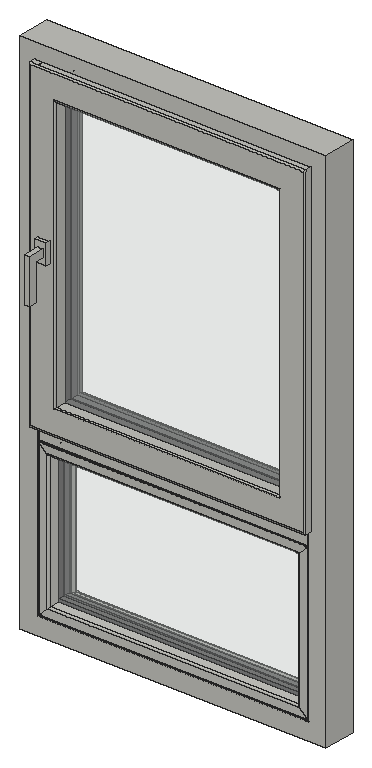
Revit family "2021_ES_Ventana_Replus_RE80-PVC-i30_11100_1H-1FI", category Ventanas, Revit 2021
Family settings
  Anfitrión = Muro
  Número OmniClass = 23.30.20.00
  Título OmniClass = Windows
  Siempre vertical = Sí
  Corte con vacíos al cargar = No
  Compartido = No
  Punto de cálculo de habitación = No
Parameters (values of type "11100")
  Ι_Wll Thcknss [instance] = 200.000 mm
  Ι_Wdth Cntrl = if(Anchura < 429.000 mm, 429.000 mm, if(Anchura > 1514.000 mm, 1514.000 mm, Anchura))  # 750.000 mm
  Ι_Ssh Wdth = Ι_Wdth Cntrl - 2 * 36.800 mm  # 676.400 mm
  Ι_Ssh Hght = if(Altura de hoja < 165.000 mm, 165.000 mm, if(Altura de hoja > Ι_Hght Cntrl - 2.000 mm * 36.8 - Ι_Fxd Hght - 17.700 mm + 40.000 mm, Ι_Hght Cntrl - 2.000 mm * 36.8 - Ι_Fxd Hght - 17.700 mm + 40.000 mm, Ι_Hght Cntrl - 2.000 mm * 36.8 - Ι_Fxd Hght - 17.700 mm + 40.000 mm))  # 799.700 mm
  Ι_Nst Cntrl [instance] = if(Retranqueo > Ι_Wll Thcknss - 80.000 mm, Ι_Wll Thcknss - 80.000 mm, if(Retranqueo = Ι_Wll Thcknss - 80.000 mm, Ι_Wll Thcknss - 80.000 mm, Retranqueo))  # 0.000 mm
  Ι_Hndl Hght Cntrl = if(Altura de Manilla < 120.000 mm, 120.000 mm, if(Altura de Manilla > Ι_Ssh Hght - 50.000 mm, Ι_Ssh Hght - 50.000 mm, Altura de Manilla))  # 400.000 mm
  Ι_Hght Cntrl = if(Altura < 429.000 mm, 429.000 mm, if(Altura > 2658.000 mm, 2658.000 mm, Altura))  # 1300.000 mm
  Ι_Fxd Hght Cntrl = Ι_Hght Cntrl - Ι_Ssh Hght - 51.000 mm  # 449.300 mm
  Ι_Fxd Hght = if((Ι_Hght Cntrl - Altura de hoja - 51.000 mm) < 173.000 mm, 173.000 mm, Ι_Hght Cntrl - Altura de hoja - 51.000 mm)  # 449.000 mm
  Ι_Frm Wdth Cntrl = Ι_Wdth Cntrl  # 750.000 mm
  Ι_Frm Hght Cntrl = Ι_Hght Cntrl  # 1300.000 mm
  Zona = ""
  Visibilidad Líneas Apertura - Planta = yes
  Visibilidad Líneas Apertura - Alzado = yes
  Vida Util Esperada = ""
  Version Estandar GDO-BIM = "GDO-BIM V02"  # constant formula
  Version = "RVT2021"  # constant formula
  Verano de transmitancia termica = 0
  Unidad Medicion = ""
  Unidad = ""
  Uniclass2015 Titulo = ""
  Uniclass2015 Codigo = ""
  URL de Declaracion de Prestaciones = ""
  URL Producto = "https://replus.es/bim/"
  URL Perfil BIM = "https://bimetica.com/es/objeto-bim-replus-ventana-re80-pvc-i30-1-hoja-oscilobatiente-fijo-inferior-11101.html"
  URL = "https://replus.es/"
  UNSPSC Titulo = "Windows"  # constant formula
  UNSPSC Codigo = "30171600"  # constant formula
  Transmitancia termica invierno = 0
  Transmitancia solar = 0
  Transmitancia de ganancia de calor solar = 0
  Transmision de luz visible = 0
  Titular = "Regicarp, S.L."  # constant formula
  Tipo Embalaje Proteccion = ""
  Tiene antepecho interno = no
  Tiene antepecho externo = no
  Tiempo Util De Vida = ""
  Tiempo Medio Entre Fallos = ""
  Telefono Contacto = "+34 966544310"  # constant formula
  Soporte tecnico BIM = "https://bimsupport.info/es/fabricantes/regicarp-replus-bim/"
  Sistema = ""
  Serie = ""
  Responsable Seguridad = ""
  Responsable Prescripcion = ""
  Responsable Compra = ""
  Residuos Peligrosos por Unidad = 0
  Residuos No Peligrosos por Unidad = 0
  Residuo Radioactivo por Unidad = 0
  Residuo Inerte por Unidad = 0
  Reflectancia solar = 0
  Reflectancia de luz visible = 0
  Referencia Unidad Funcional = ""
  Referencia Lote = ""
  Referencia Contacto Soporte Tecnico = ""
  Referencia Contacto Comercial Venta = ""
  Referencia = "RE 80/PVC/i30"
  Punto de Contacto = ""
  Proteccion con Malla = no
  Plataforma descaga contenido BIM = "www.bimetica.com"
  Periodo Garantia = ""
  Partida URL = ""
  Pais de Venta = ""
  Omniclass Titulo = "Plastic Windows"  # constant formula
  Omniclass Codigo = "23-17 13 17"  # constant formula
  Numero de Licencia = "XXXXXXXX8182 / No-aportada por bimboject AB (anterior)"  # constant formula
  Numero de Declaracion de Prestaciones = ""
  Numero Serie = ""
  Numero Articulo Global Comercial = ""
  Numero Articulo = ""
  Nivel de Riesgo = ""
  Material Envoltura = ""
  Material Contenedor = ""
  Material = PVC - Replus - 9152 - White
  Masterformat Titulo = "Plastic Windows"  # constant formula
  Masterformat Codigo = "08 53 00"  # constant formula
  Marcado CE = no
  Mantenimiento = ""
  Lugar Ensamblaje = ""
  Instrucciones Especiales = ""
  Informacion Tecnica = ""
  IfcExportType = "Oscilobatiente"
  IfcExportAs = "IfcWindow"  # constant formula
  Identificador Garantia = ""
  Historial = "(RVT2021) Actualización GDO-BIM (RVT2015) Creacion de Elemento"  # constant formula
  Gubimclass Titulo = "Ventanas de fachadas"  # constant formula
  Gubimclass Codigo = "30.10.20.10"  # constant formula
  Gas de Relleno = ""
  Garantia Extendida = no
  Fuente Datos LCA = ""
  Formacion Fotoquimica Ozono por Unidad = 0
  Fecha Vencimiento Elemento BIM = ""
  Fecha Suministro = ""
  Fecha Inicio Garantia = ""
  Fecha Fin Garantia = ""
  Fecha Evaluacion = ""
  Fecha Emision Elemento BIM = ""
  Fecha Compra = ""
  Fecha Colocacion = ""
  Fase Ciclo Vida = ""
  Falta de Recursos por Unidad = 0
  Exclusiones = ""
  Eutrofizacion por Unidad = 0
  Etiqueta Modelo = ""
  Estandar seguridad = ""
  Espesor de vidrio 3 = 0.000 mm
  Espesor de vidrio 2 = 0.000 mm
  Espesor de vidrio 1 = 0.000 mm
  Espacio libre acceso = 0.000 mm
  Espacio = ""
  Es templado = no
  Es recubierto = no
  Es laminado = no
  Es Exterior = yes
  Es Accesible = no
  Energia consumida = 0
  Energia Renovable Consumida por Unidad = 0
  Energia Primaria Total Consumida por Unidad = 0
  Energia No Renovable Consumida por Unidad = 0
  Email Contacto = "info@replus.es"  # constant formula
  Destruccion Capa Ozono Estratosferica por Unidad = 0
  Descripcion Evaluacion = ""
  Dependiente De = ""
  Declaracion Ambiental de Producto URL = ""
  Creditos LEED = ""
  Creditos BREEAM = ""
  Coste Mantenimiento = 0
  Contenido Garantia = ""
  Contacto = ""
  Condiciones de Venta = ""
  Condiciones Evaluacion = ""
  Color de vidrio = ""
  Coeficiente de sombreado = 0
  Codigo Barras = ""
  Codigo = ""
  Clasificacion de carga de viento = ""
  Capas de vidrio = 0
  Cambio Climatico por Unidad = 0
  COBie Categoria = "IfcWindow"
  Base Precio Producto 03 = ""
  Base Precio Producto 02 = ""
  Base Precio Producto 01 = ""
  Autor = "Bimetica Parametric Design Services S.L. (actual) / bimobject AB (anterior)"  # constant formula
  Ano Produccion = ""
  Anchura aproximada = Ι_Wdth Cntrl + 2 * Hueco  # 770.000 mm
  Altura minima requerida = 0.000 mm
  Altura aproximada = Ι_Hght Cntrl + 2 * Hueco  # 1320.000 mm
  Retranqueo [instance] = 0.000 mm
  Product Material = PVC - Replus - 9152 - White
  Modelo = "11100_FI"
  Material secondary = "Glass"
  Material main = "PVC"
  Fabricante = "Replus"
  Nota clave = "08500"
  Hueco = 10.000 mm
  Altura = 1300.000 mm
  Exceso Dimensiones = or(and(Altura < 429.000 mm, Advertencia Dimensión), and(Anchura < 429.000 mm, Advertencia Dimensión), and(Anchura > 1514.000 mm, Advertencia Dimensión), and(Altura > 2658.000 mm, Advertencia Dimensión))  # no
  Edition number = 1
  Descripción = "Perfiles de hoja oculta en PVC, mejorando sustancialmente el campo visual, con triple junta (mediante junta rigida en el marco) protegiendo de esta manera todos los puntos de cierre, aumentando la seguridad y proporcionando una junta perimetral completa, con perfilería de clasificación máxima S-II-A"
  Default Sill Height = 800.000 mm
  Cierre de muro = Por anfitrión
  Anchura = 750.000 mm
  Código de montaje = "B2020100"
  Construcción analítica = "<None>"
  Altura de hoja = 800.000 mm
  Altura de Manilla = 400.000 mm
  Agua Consumida por Unidad = 0
  Advertencia Dimensión = yes
  Acidificacion Atmosferica por Unidad = 0
  Acabado = ""
  Absorcion solar = 0
Reference planes
  plane 1 "Center (Front/Back)": y = 0
  plane 2 "Center (Left/Right)": x = 0
  plane 3 "Left": x = -385
  plane 4 "Right": x = 385
  plane 5 "Sill": z = 800
  plane 6 "Head": z = 2120
  plane 7 "Exterior": y = 100
  plane 8 "Interior": y = -100
  plane 9: x = -375
  plane 10: x = 375
  plane 11 "Inset": y = -20
  plane 12: z = 2110
  plane 13: z = 810
  plane 14 "Central Profile": x = 0
  plane 15: z = 1259
  plane 16: z = 2058.811
  plane 17: z = 861.189
  plane 18: y = -38.5
  plane 19: x = -338.2
  plane 20: x = 338.2
  plane 21: z = 2073.2
  plane 22: z = 1377.736
  plane 23: z = 1374.811
  plane 24: z = 882.435
  plane 25: z = 2573.491
  plane 26: z = 2565.491
  plane 27: z = 1015.491
  plane 28: z = 1673.5
  plane 29: x = 53
  plane 30: x = -53
  plane 31: x = 303.2
  plane 32: x = -303.2
  plane 33: y = 500
  plane 34: y = -100
  plane 35: z = 1273.5
  plane 36: z = 1337.5
  plane 37: z = 2009.2
  plane 38: x = -274.2
  plane 39: x = 274.2
  plane 40 "glass": y = -57
  plane 41: y = 10
Lines and regions (mm)
  Opening 1
    outline origin (3500, -100, 0) x (1, 0, 0) y (0, 0, 1)
      loop
        line (-3115, 800) -> (-3115, 2120) -> (-3885, 2120) -> (-3885, 800) -> (-3115, 800)
  symbolic lines, style "Hidden Lines Black", visible <- "Visibilidad Líneas Apertura - Alzado"
    curve 1: line (-274.2, -20, 1673.5) -> (274.2, -20, 2009.2)
    curve 2: line (-274.2, -20, 1673.5) -> (274.2, -20, 1337.5)
    curve 3: line (0, -20, 2009.2) -> (-274.2, -20, 1337.5)
    curve 4: line (274.2, -20, 1337.5) -> (0, -20, 2009.2)
  symbolic lines, visible <- "Visibilidad Líneas Apertura - Planta"
    curve 5: line (-338.2, -100, 0) -> (-338.2, -776.548, 0)
    curve 6: arc (-338.2, -776.548, 0) -> (140.791, -578.74, 0) -> (339.208, -100, 0) r 676.4
  model lines, style "Hidden Lines Black", visible <- "Visibilidad Líneas Apertura - Alzado"
    curve 7: line (0, -57, 2009.2) -> (-274.2, -57, 1337.5)
    curve 8: line (274.2, -57, 1337.5) -> (0, -57, 2009.2)
    curve 9: line (274.2, -57, 2009.2) -> (-274.2, -57, 1673.5)
    curve 10: line (-274.2, -57, 1673.5) -> (274.2, -57, 1337.5)
Text (mm)
  text "EXTERIOR" at (-1963.203, 1332.353, 0), in view "Ref. Level"
  text "INTERIOR" at (-1981.466, -818.386, 0), in view "Ref. Level"
  text "Exterior" at (0, 923.751, 2943.296), in view "Right"
  text "Exterior" at (0, 1040.484, 2685.409), in view "Left"
Dimensions and locks
  equal spacing: plane 3 "Left", plane 2 "Center (Left/Right)", plane 4 "Right"
  "Ι_Wdth Cntrl": plane 9 to plane 10
  "Ι_Hght Cntrl": plane 13 to plane 12
  "Default Sill Height": plane 5 "Sill" to level
  locked: plane 7 "Exterior" to host wall
  locked: plane 8 "Interior" to host wall
  "Hueco": plane 3 "Left" to plane 9
  "Hueco": plane 10 to plane 4 "Right"
  "Hueco": plane 13 to plane 5 "Sill"
  equal spacing: plane 9, plane 14 "Central Profile", plane 10
  "Ι_Fxd Hght": plane 15 to plane 13
  locked: plane 12 to plane 16 at 51.189
  locked: plane 17 to plane 13 at 51.189
  locked: plane 11 "Inset" to plane 18 at 18.5
  locked: plane 9 to plane 19 at 36.8
  locked: plane 20 to plane 10 at 36.8
  locked: plane 12 to plane 21 at 36.8
  plane 12 to plane 21 = 36.800 mm
  "Ι_Wll Thcknss": host wall to host wall
  locked: plane 2 "Center (Left/Right)" to plane 29 at 53
  locked: plane 30 to plane 2 "Center (Left/Right)" at 53
  locked: plane 31 to plane 20 at 35
  locked: plane 19 to plane 32 at 35
  plane 20 to plane 10 = 36.800 mm
  locked: plane 33 to plane 7 "Exterior" at 400
  locked: plane 18 to plane 34 at 61.5
  "Ι_Nst Cntrl": plane 8 "Interior" to plane 34
  "Ι_Ssh Hght": plane 21 to plane 35
  "Ι_Hndl Hght Cntrl": plane 28 to plane 35
  locked: plane 16 to plane 37 at 49.611
  locked: plane 38 to plane 32 at 29
  locked: plane 39 to plane 31 at 29
  locked: plane 18 to plane 40 "glass" at 18.5
  locked: plane 36 to plane 35 at 64
  locked: plane 41 to plane 11 "Inset" at 30
  "Hueco": plane 6 "Head" to plane 12
  "Ι_Ssh Wdth": radius of curve 6
  aligned and locked: nested 2 to plane 11 "Inset"
  aligned and locked: nested 2 to plane 2 "Center (Left/Right)"
  aligned and locked: plane 19 to nested 1
  aligned and locked: nested 1 to plane 18
  aligned and locked: plane 21 to nested 1
  aligned and locked: plane 12 to nested 2
  aligned and locked: plane 14 "Central Profile" to curve 4
  aligned and locked: nested 4 to plane 33
  aligned and locked: nested 4 to plane 2 "Center (Left/Right)"
  aligned and locked: plane 37 to curve 3
  aligned and locked: plane 37 to curve 1
  aligned and locked: plane 39 to curve 1
  aligned and locked: plane 36 to curve 4
  aligned and locked: plane 39 to curve 4
  aligned and locked: plane 38 to curve 3
  aligned and locked: plane 36 to curve 3
  aligned and locked: curve 5 to plane 19
  aligned and locked: plane 34 to curve 5
  aligned and locked: plane 19 to curve 6
  aligned and locked: plane 34 to curve 6
  aligned and locked: plane 28 to curve 10
  aligned and locked: plane 38 to curve 9
  aligned and locked: plane 32 to nested 3
  aligned and locked: plane 28 to nested 3
Automatic sketch dimensions
  Opening 1 sketch curve to plane 3 "Left" = 0.000 mm
  Opening 1 sketch curve to plane 4 "Right" = 0.000 mm
  Opening 1 sketch curve to plane 5 "Sill" = 0.000 mm
  Opening 1 sketch curve to plane 6 "Head" = 0.000 mm
  curve 2 to plane 28 = 0.000 mm
  curve 2 to plane 38 = 0.000 mm
  plane 39 to curve 10 = 0.000 mm
  curve 8 to plane 36 = 0.000 mm
  curve 9 to plane 37 = 0.000 mm
  plane 39 to curve 9 = 0.000 mm
  plane 2 "Center (Left/Right)" to curve 8 = 0.000 mm
  curve 7 to plane 36 = 0.000 mm
  curve 8 to plane 37 = 0.000 mm
  curve 7 to plane 38 = 0.000 mm
  host wall to curve 6 = 0.149 mm
  plane 19 to curve 6 = 1.008 mm
Nested families
  nested 1: "Leaf" at (0, -38.5, 1273.5), type "Leaf"
  nested 2: "Frame" at (0, -20, 810), type "Frame"
  nested 3: "Handle" at (-303.2, -118.5, 1673.5) x (-1, 0, 0) z (0, -1, 0), type "Handle", detail levels medium+fine
  nested 4: "Dimensions Overconstraint Warning" at (0, 500, 0), visible <- "Exceso Dimensiones", type "Dimensions Overconstraint Warning"
Definition of nested family "Leaf"
  Parameters (values of type "Leaf")
    Width = 676.400 mm
    Product Material = none
    Height = 799.700 mm
    Analytic Construction = "<None>"
  Reference planes
    plane 1 "Center (Front/Back)": y = 0
    plane 2: z = 0
    plane 3 "Center (Left/Right)": x = 0
    plane 4: x = -338.2
    plane 5: x = 338.2
    plane 6: z = 799.7
    plane 7: x = -278.2
    plane 8: x = 278.2
    plane 9: z = 751.7
    plane 10: z = 48
    plane 11: y = -65.804
    plane 12: x = 290.2
    plane 13: x = -274.2
    plane 14: x = 274.2
    plane 15: z = 748.705
    plane 16: z = 50.995
    plane 17: z = 64
    plane 18: z = 735.7
    plane 19: y = -40
    plane 20: y = -4
    plane 21: y = -8
    plane 22: y = -26
    plane 23: y = -30
    plane 24: y = -48
    plane 25: y = -52
    plane 26: x = -290.2
    plane 27: x = -284.2
    plane 28: x = 284.2
    plane 29: z = 745.7
    plane 30: z = 54
    plane 31: x = -295.2
    plane 32: x = 295.2
    plane 33: z = 756.7
    plane 34: z = 43
  Forms (mm)
    Sweep 1, solid, material <- "Product Material", detail levels coarse
      path origin (0, 0, 0) x (1, 0, 0) y (0, 0, 1)
        loop
          line (-338.2, 799.7) -> (-338.2, 0) -> (338.2, 0) -> (338.2, 799.7) -> (-338.2, 799.7)
      profile origin (-338.2, 0, 399.85) x (-1, 0, 0) y (0, -1, 0)
        loop
          line (-20, 56.6) -> (-20, 61.5) -> (-7.5, 61.5) -> (0, 61.5) -> (0, 80) -> (-64, 80) -> (-64, 0) -> (-43, 0) -> (-40.495, 0) -> (-20, 0) -> (-20, 56.6)
    Sweep 2, solid, material <- "Product Material", detail levels fine
      path origin (0, 0, 0) x (1, 0, 0) y (0, 0, 1)
        loop
          line (-338.2, 799.7) -> (-338.2, 0) -> (338.2, 0) -> (338.2, 799.7) -> (-338.2, 799.7)
      profile origin (-338.2, 0, 399.85) x (-1, 0, 0) y (0, -1, 0)
        loop
          line (-33, 14) -> (-33, 23.5) -> (-27.5, 23.5) -> (-20, 23.5) -> (-20, 61.5) -> (-7.5, 61.5) -> (0, 61.5) -> (0, 77)
          arc (0, 77) -> (-0.879, 79.121) -> (-3, 80) r 3
          line (-3, 80) -> (-61, 80)
          arc (-61, 80) -> (-63.121, 79.121) -> (-64, 77) r 3
          line (-64, 77) -> (-64, 52) -> (-43, 52) -> (-43, 4) -> (-40.495, 4) -> (-33, 4) -> (-33, 14)
    Sweep 3, solid, material <- "Product Material", detail levels medium
      path origin (0, 0, 0) x (1, 0, 0) y (0, 0, 1)
        loop
          line (-338.2, 799.7) -> (-338.2, 0) -> (338.2, 0) -> (338.2, 799.7) -> (-338.2, 799.7)
      profile origin (-338.2, 0, 399.85) x (-1, 0, 0) y (0, -1, 0)
        loop
          line (-20, 23.5) -> (-20, 61.5) -> (0, 61.5) -> (0, 80) -> (-64, 80) -> (-64, 52) -> (-43, 52) -> (-43, 4) -> (-33, 4) -> (-33, 23.5) -> (-20, 23.5)
    Extrusion 4, solid, detail levels fine
      sketch origin (0, 0, 0) x (1, 0, 0) y (0, 1, 0)
        loop
          line (-290.2, -4) -> (-290.2, -8) -> (290.2, -8) -> (290.2, -4) -> (-290.2, -4)
        loop
          line (-290.2, -26) -> (-290.2, -30) -> (290.2, -30) -> (290.2, -26) -> (-290.2, -26)
        loop
          line (-290.2, -48) -> (-290.2, -52) -> (290.2, -52) -> (290.2, -48) -> (-290.2, -48)
      from 48 to 751.7
    Extrusion 5, solid, detail levels medium
      sketch origin (0, 0, 0) x (1, 0, 0) y (0, 1, 0)
        loop
          line (-295.2, -4) -> (-295.2, -52) -> (295.2, -52) -> (295.2, -4) -> (-295.2, -4)
      from 43 to 756.7
    Sweep 6, solid, detail levels fine
      path origin (0, 0, 0) x (1, 0, 0) y (0, 0, 1)
        loop
          line (-284.2, 745.7) -> (-284.2, 54) -> (284.2, 54) -> (284.2, 745.7) -> (-284.2, 745.7)
      profile origin (-284.2, 0, 399.85) x (-1, 0, 0) y (0, -1, 0)
        loop
          line (0, 8) -> (0, 26) -> (-6, 26) -> (-6, 8) -> (0, 8)
        loop
          line (0, 30) -> (0, 48) -> (-6, 48) -> (-6, 30) -> (0, 30)
    Extrusion 7, solid, detail levels coarse
      sketch origin (0, 0, 0) x (1, 0, 0) y (0, 1, 0)
        loop
          line (-274.2, 0) -> (-274.2, -80) -> (274.2, -80) -> (274.2, 0) -> (-274.2, 0)
      from 64 to 735.7
    Sweep 8, solid, detail levels medium+fine
      path origin (0, 0, 0) x (1, 0, 0) y (0, 0, 1)
        loop
          line (-338.2, 799.7) -> (-338.2, 0) -> (338.2, 0) -> (338.2, 799.7) -> (-338.2, 799.7)
      profile origin (-338.2, 0, 399.85) x (-1, 0, 0) y (0, -1, 0)
        loop
          line (-33, 0) -> (-33, 4) -> (-64, 4) -> (-64, 0) -> (-33, 0)
  Lines and regions (mm)
    symbolic lines, detail levels coarse
      curve 1: line (-274.2, -40, 0) -> (274.2, -40, 0)
      curve 2: line (0, -40, 735.7) -> (0, -40, 64)
  Dimensions and locks
    equal spacing: plane 4, plane 3 "Center (Left/Right)", plane 5
    "Width": plane 4 to plane 5
    "Height": plane 6 to plane 2
    locked: plane 4 to plane 7 at 60
    locked: plane 8 to plane 5 at 60
    locked: plane 6 to plane 9 at 48
    locked: plane 10 to plane 2 at 48
    locked: plane 8 to plane 12 at 12
    locked: plane 7 to plane 13 at 4
    locked: plane 14 to plane 8 at 4
    locked: plane 6 to plane 15 at 50.995
    locked: plane 16 to plane 2 at 50.995
    locked: plane 15 to plane 18 at 13.005
    locked: plane 17 to plane 16 at 13.005
    locked: plane 19 to plane 1 "Center (Front/Back)" at 40
    plane 25 to plane 24 to plane 23 to plane 22 to plane 21 to plane 20 to plane 1 "Center (Front/Back)" = 4.000 mm locked, 18.000 mm locked, 4.000 mm locked, 18.000 mm locked, 4.000 mm locked, 4.000 mm locked
    locked: plane 26 to plane 7 at 12
    locked: plane 26 to plane 27 at 6
    locked: plane 28 to plane 12 at 6
    locked: plane 6 to plane 29 at 54
    locked: plane 30 to plane 2 at 54
    locked: plane 31 to plane 26 at 5
    locked: plane 12 to plane 32 at 5
    locked: plane 33 to plane 29 at 11
    locked: plane 30 to plane 34 at 11
    aligned and locked: level to plane 2
    aligned and locked: Sweep 1 sketch curve to plane 6
    aligned and locked: plane 4 to Sweep 1 sketch curve
    aligned and locked: plane 5 to Sweep 1 sketch curve
    aligned and locked: plane 2 to Sweep 1 sketch curve
    aligned and locked: Sweep 2 sketch curve to plane 6
    aligned and locked: plane 4 to Sweep 2 sketch curve
    aligned and locked: plane 5 to Sweep 2 sketch curve
    aligned and locked: plane 2 to Sweep 2 sketch curve
    aligned and locked: Sweep 3 sketch curve to plane 6
    aligned and locked: plane 4 to Sweep 3 sketch curve
    aligned and locked: plane 5 to Sweep 3 sketch curve
    aligned and locked: plane 2 to Sweep 3 sketch curve
    aligned and locked: plane 9 to Extrusion 4
    aligned and locked: Extrusion 4 to plane 10
    aligned and locked: plane 1 "Center (Front/Back)" to Extrusion 7 sketch curve
    aligned and locked: Extrusion 7 sketch curve to plane 13
    aligned and locked: Extrusion 7 sketch curve to plane 14
    aligned and locked: plane 18 to Extrusion 7
    aligned and locked: Extrusion 7 to plane 17
    aligned and locked: plane 19 to curve 1  (x2)
    aligned and locked: plane 14 to curve 1
    aligned and locked: plane 13 to curve 1
    aligned and locked: plane 17 to curve 2
    aligned and locked: plane 19 to curve 2  (x2)
    aligned and locked: plane 18 to curve 2
    aligned and locked: plane 4 to Sweep 8 sketch curve
    aligned and locked: plane 5 to Sweep 8 sketch curve
    aligned and locked: Sweep 8 sketch curve to plane 6
    aligned and locked: plane 2 to Sweep 8 sketch curve
    aligned and locked: Extrusion 4 sketch curve to plane 26  (x3)
    aligned and locked: Extrusion 4 sketch curve to plane 21
    aligned and locked: plane 20 to Extrusion 4 sketch curve
    aligned and locked: plane 22 to Extrusion 4 sketch curve
    aligned and locked: Extrusion 4 sketch curve to plane 23
    aligned and locked: plane 24 to Extrusion 4 sketch curve
    aligned and locked: Extrusion 4 sketch curve to plane 25
    aligned and locked: plane 20 to Extrusion 5 sketch curve
    aligned and locked: Extrusion 5 sketch curve to plane 25
    aligned and locked: Extrusion 4 sketch curve to plane 12  (x3)
    aligned and locked: Sweep 6 sketch curve to plane 27
    aligned and locked: Sweep 6 sketch curve to plane 28
    aligned and locked: Sweep 6 sketch curve to plane 29
    aligned and locked: plane 30 to Sweep 6 sketch curve
    aligned and locked: Extrusion 5 sketch curve to plane 31
    aligned and locked: Extrusion 5 sketch curve to plane 32
    aligned and locked: plane 33 to Extrusion 5
    aligned and locked: Extrusion 5 to plane 34
  Automatic sketch dimensions
    plane 11 to Extrusion 7 sketch curve = 14.196 mm
    Sweep 2 sketch curve to profile plane = 0.000 mm
    profile plane to Sweep 2 sketch curve = 3.000 mm
    profile plane to Sweep 2 sketch curve = 7.500 mm
    Sweep 2 sketch curve to Sweep 2 sketch curve = 12.500 mm
    Sweep 2 sketch curve to Sweep 2 sketch curve = 7.500 mm
    plane 1 "Center (Front/Back)" to Sweep 2 sketch curve = 4.000 mm
    Sweep 2 sketch curve to Sweep 2 sketch curve = 5.500 mm
    Sweep 2 sketch curve to Sweep 2 sketch curve = 7.495 mm
    Sweep 2 sketch curve to Sweep 2 sketch curve = 2.505 mm
    Sweep 2 sketch curve to Sweep 2 sketch curve = 18.000 mm
    Sweep 2 sketch curve to Sweep 2 sketch curve = 3.000 mm
    Sweep 2 sketch curve to Sweep 2 sketch curve = 10.000 mm
    Sweep 2 sketch curve to Sweep 2 sketch curve = 9.500 mm  (x2)
    Sweep 2 sketch curve to Sweep 2 sketch curve = 28.500 mm
    Sweep 2 sketch curve to Sweep 2 sketch curve = 25.000 mm
    Sweep 3 sketch curve to profile plane = 0.000 mm
    profile plane to Sweep 3 sketch curve = 20.000 mm
    Sweep 3 sketch curve to Sweep 3 sketch curve = 13.000 mm
    Sweep 3 sketch curve to Sweep 3 sketch curve = 23.000 mm
    Sweep 3 sketch curve to Sweep 3 sketch curve = 21.000 mm
    plane 1 "Center (Front/Back)" to Sweep 3 sketch curve = 4.000 mm
    Sweep 3 sketch curve to Sweep 3 sketch curve = 19.500 mm
    Sweep 3 sketch curve to Sweep 3 sketch curve = 28.500 mm
    Sweep 3 sketch curve to Sweep 3 sketch curve = 9.500 mm
    Sweep 3 sketch curve to Sweep 3 sketch curve = 28.000 mm
    plane 1 "Center (Front/Back)" to Sweep 1 sketch curve = 0.000 mm
    Sweep 1 sketch curve to profile plane = 0.000 mm
    Sweep 1 sketch curve to Sweep 1 sketch curve = 7.500 mm
    profile plane to Sweep 1 sketch curve = 20.000 mm
    Sweep 1 sketch curve to Sweep 1 sketch curve = 20.495 mm
    Sweep 1 sketch curve to Sweep 1 sketch curve = 2.505 mm
    Sweep 1 sketch curve to Sweep 1 sketch curve = 21.000 mm
    Sweep 1 sketch curve to Sweep 1 sketch curve = 56.600 mm
    Sweep 1 sketch curve to Sweep 1 sketch curve = 4.900 mm
    Sweep 1 sketch curve to Sweep 1 sketch curve = 18.500 mm
    plane 1 "Center (Front/Back)" to Sweep 8 sketch curve = 0.000 mm
    profile plane to Sweep 8 sketch curve = 64.000 mm
    plane 1 "Center (Front/Back)" to Sweep 8 sketch curve = 4.000 mm
    Sweep 8 sketch curve to Sweep 8 sketch curve = 31.000 mm
    profile plane to Sweep 6 sketch curve = 6.000 mm
    plane 1 "Center (Front/Back)" to Sweep 6 sketch curve = 8.000 mm
    Sweep 6 sketch curve to Sweep 6 sketch curve = 0.000 mm  (x2)
    Sweep 6 sketch curve to Sweep 6 sketch curve = 6.000 mm
    Sweep 6 sketch curve to Sweep 6 sketch curve = 18.000 mm  (x2)
    Sweep 6 sketch curve to Sweep 6 sketch curve = 4.000 mm
Definition of nested family "Frame"
  Parameters (values of type "Frame")
    Width = 750.000 mm
    Product Material = none
    Height = 1300.000 mm
    Fixed Leaf Height = 449.300 mm
    Analytic Construction = "<None>"
  Reference planes
    plane 1 "Center (Front/Back)": y = 0
    plane 2: z = 0
    plane 3 "Center (Left/Right)": x = 0
    plane 4: x = -375
    plane 5: x = 375
    plane 6: z = 1300
    plane 7 "Central Profile": x = 0
    plane 8: z = 449.3
    plane 9: x = -330.2
    plane 10: x = 330.2
    plane 11: x = -337.2
    plane 12: x = 337.2
    plane 13 "1": x = -310.1
    plane 14 "2": x = 310.1
    plane 15: z = 44.8
    plane 16: x = -298.1
    plane 17: x = 298.1
    plane 18: z = 76.935
    plane 19: x = -315.1
    plane 20: x = 315.1
    plane 21: y = -18.5
    plane 22: y = -36.5
    plane 23: y = -40.5
    plane 24: y = -54.5
    plane 25: y = -58.5
    plane 26: y = -22.5
    plane 27: y = -62.518
    plane 28 "G1": z = 65.811
    plane 29: x = -309.1
    plane 30: x = 309.1
    plane 31: z = 464
    plane 32: z = 1263.2
    plane 33: z = 471.791
    plane 34 "3": x = 311.422
    plane 35 "4": x = -311.422
    plane 36: z = 394.673
    plane 37: z = 434.6
    plane 38: z = 427.55
    plane 39: z = 411.798
    plane 40 "m": z = 405.798
    plane 41: z = 1248.811
    plane 42: z = 478.18
    plane 43: z = 56.8
    plane 44: x = -305.2
    plane 45: x = 305.2
    plane 46: z = 71.811
    plane 47 "g": z = 69.8
    plane 48: y = -49.25
  Forms (mm)
    Sweep 1, solid, material <- "Product Material", detail levels fine
      path origin (0, 0, 0) x (1, 0, 0) y (0, 0, 1)
        loop
          line (-375, 1300) -> (-375, 0) -> (375, 0) -> (375, 1300) -> (-375, 1300)
      profile origin (-375, 0, 650) x (-1, 0, 0) y (0, -1, 0)
        loop
          line (0, 80) -> (-43.8, 80)
          arc (-43.8, 80) -> (-44.507, 79.707) -> (-44.8, 79) r 1
          line (-44.8, 79) -> (-44.8, 38) -> (-63.811, 38) -> (-63.811, 18.5) -> (-75.767, 18.5)
          arc (-75.767, 18.5) -> (-76.56, 18.109) -> (-76.733, 17.241) r 1
          line (-76.733, 17.241) -> (-72.709, 2.224)
          arc (-72.709, 2.224) -> (-71.637, 0.62) -> (-69.811, 0) r 3
          line (-69.811, 0) -> (0, 0) -> (0, 80)
    Sweep 2, solid, material <- "Product Material", detail levels coarse
      path origin (0, 0, 0) x (1, 0, 0) y (0, 0, 1)
        loop
          line (-375, 1300) -> (-375, 0) -> (375, 0) -> (375, 1300) -> (-375, 1300)
      profile origin (-375, 0, 650) x (-1, 0, 0) y (0, -1, 0)
        loop
          line (0, 80) -> (-56.8, 80) -> (-56.8, 18.5) -> (-76.9, 18.5) -> (-76.9, 0) -> (0, 0) -> (0, 80)
    Sweep 3, solid, material <- "Product Material", detail levels medium
      path origin (0, 0, 0) x (1, 0, 0) y (0, 0, 1)
        loop
          line (-375, 1300) -> (-375, 0) -> (375, 0) -> (375, 1300) -> (-375, 1300)
      profile origin (-375, 0, 650) x (-1, 0, 0) y (0, -1, 0)
        loop
          line (0, 80) -> (-56.8, 80) -> (-56.8, 42) -> (-69.8, 42) -> (-69.8, 18.5) -> (-76.662, 18.5) -> (-76.662, 0) -> (0, 0) -> (0, 80)
    Sweep 4, solid, material <- "Product Material", detail levels fine
      path origin (0, 0, 0) x (1, 0, 0) y (0, 0, 1)
        loop
          line (-330.2, 449.3) -> (330.2, 449.3)
      profile "Profile 01 - Fijo Inferior - Center Frame : Profile 01 - Fijo Inferior - Center Frame" origin (0, 0, 449.3) x (0, 0, 1) y (0, -1, 0)
        loop
          arc (22.491, 79) -> (22.198, 79.707) -> (21.491, 80) r 1
          line (21.491, 80) -> (-20.645, 80)
          arc (-20.645, 80) -> (-21.352, 79.707) -> (-21.645, 79) r 1
          line (-21.645, 79) -> (-21.645, 75.579) -> (-21.645, 67.975) -> (-19.491, 67.975) -> (-19.491, 38) -> (-41.502, 38) -> (-41.502, 36.218) -> (-28.88, 28.93) -> (-28.88, 12.933) -> (-41.912, 12.933) -> (-42.694, 18.5) -> (-53.458, 18.5)
          arc (-53.458, 18.5) -> (-54.251, 18.109) -> (-54.424, 17.241) r 1
          line (-54.424, 17.241) -> (-50.4, 2.224)
          arc (-50.4, 2.224) -> (-49.328, 0.62) -> (-47.502, 0) r 3
          line (-47.502, 0) -> (47.502, 0)
          arc (47.502, 0) -> (49.328, 0.62) -> (50.4, 2.224) r 3
          line (50.4, 2.224) -> (54.424, 17.241)
          arc (54.424, 17.241) -> (54.251, 18.109) -> (53.458, 18.5) r 1
          line (53.458, 18.5) -> (42.694, 18.5) -> (41.912, 12.933) -> (28.88, 12.933) -> (28.88, 28.93) -> (41.502, 36.218) -> (41.502, 38) -> (19.491, 38) -> (19.491, 67.975) -> (22.491, 67.975) -> (22.491, 79)
    Sweep 5, solid, material <- "Product Material", detail levels coarse
      path origin (0, 0, 0) x (1, 0, 0) y (0, 0, 1)
        loop
          line (-330.2, 449.3) -> (330.2, 449.3)
      profile origin (0, 0, 449.3) x (0, 0, 1) y (0, -1, 0)
        loop
          line (-54.627, 80) -> (-54.627, 0) -> (34.2, 0) -> (34.2, 80) -> (-54.627, 80)
    Sweep 6, solid, material <- "Product Material", detail levels medium
      path origin (0, 0, 0) x (1, 0, 0) y (0, 0, 1)
        loop
          line (-330.2, 449.3) -> (330.2, 449.3)
      profile origin (0, 0, 449.3) x (0, 0, 1) y (0, -1, 0)
        loop
          line (-37.502, 18.5) -> (-53.689, 18.5) -> (-53.689, 0) -> (53.689, 0) -> (53.689, 18.5) -> (47.2, 18.5) -> (47.2, 42) -> (34.2, 42) -> (34.2, 80) -> (-33.7, 80) -> (-33.7, 66.307) -> (-36.236, 66.307) -> (-37.502, 65.04) -> (-37.502, 18.5)
    Sweep 7, solid, material <- "Product Material", detail levels fine
      path origin (0, 0, 0) x (1, 0, 0) y (0, 0, 1)
        loop
          line (-337.2, 434.6) -> (-337.2, 37.8) -> (337.2, 37.8) -> (337.2, 434.6) -> (-337.2, 434.6)
      profile origin (-337.2, 0, 236.2) x (-1, 0, 0) y (0, -1, 0)
        loop
          line (-8.15, 79.982) -> (-27.819, 79.284)
          arc (-27.819, 79.284) -> (-30.754, 78.201) -> (-32.47, 75.585) r 4.995
          line (-32.47, 75.585) -> (-37.048, 58.5) -> (-29.292, 58.5) -> (-21.486, 66.307) -> (-21.486, 69.507) -> (-7, 69.507) -> (-7, 76.2) -> (-7, 78.872)
          arc (-7, 78.872) -> (-7.339, 79.671) -> (-8.15, 79.982) r 1.111
    Sweep 8, solid, material <- "Product Material", detail levels medium
      path origin (0, 0, 0) x (1, 0, 0) y (0, 0, 1)
        loop
          line (-337.2, 434.6) -> (-337.2, 37.8) -> (337.2, 37.8) -> (337.2, 434.6) -> (-337.2, 434.6)
      profile origin (-337.2, 0, 236.2) x (-1, 0, 0) y (0, -1, 0)
        loop
          line (-19, 80) -> (-31.287, 80) -> (-37.048, 58.5) -> (-29.292, 58.5) -> (-21.486, 66.307) -> (-19, 66.307) -> (-19, 80)
    Extrusion 9, solid, detail levels fine
      sketch origin (0, 0, 0) x (1, 0, 0) y (0, 1, 0)
        loop
          line (-315.1, -18.5) -> (-315.1, -22.5) -> (315.1, -22.5) -> (315.1, -18.5) -> (-315.1, -18.5)
        loop
          line (-315.1, -36.5) -> (-315.1, -40.5) -> (315.1, -40.5) -> (315.1, -36.5) -> (-315.1, -36.5)
        loop
          line (-315.1, -54.5) -> (-315.1, -58.5) -> (315.1, -58.5) -> (315.1, -54.5) -> (-315.1, -54.5)
      from 65.811 to 411.798
    Extrusion 10, solid, detail levels coarse
      sketch origin (0, 0, 0) x (1, 0, 0) y (0, 1, 0)
        loop
          line (-315.1, -18.5) -> (-315.1, -80) -> (315.1, -80) -> (315.1, -18.5) -> (-315.1, -18.5)
      from 56.8 to 394.673
    Sweep 11, solid, detail levels fine
      path origin (0, 0, 0) x (1, 0, 0) y (0, 0, 1)
        loop
          line (-309.1, 405.798) -> (-309.1, 71.811) -> (309.1, 71.811) -> (309.1, 405.798) -> (-309.1, 405.798)
      profile "Profile 06 - Fijo Inferior - Metal Glass Seal Leaf Narrow FW - M : Profile 06 - Fijo Inferior - Metal Glass Seal Leaf Narrow" origin (0, 0, 405.798) x (0, 0, 1) y (0, -1, 0)
        loop
          line (-8, 36.5) -> (-8, 22.5) -> (0, 22.5) -> (0, 36.5) -> (-8, 36.5)
        loop
          line (-8, 54.5) -> (-8, 40.5) -> (0, 40.5) -> (0, 54.5) -> (-8, 54.5)
    Extrusion 12, solid, detail levels medium
      sketch origin (0, 0, 0) x (1, 0, 0) y (0, 1, 0)
        loop
          line (-305.2, -18.5) -> (-305.2, -58.5) -> (305.2, -58.5) -> (305.2, -18.5) -> (-305.2, -18.5)
      from 69.8 to 411.798
  Cuts and joins
    joined: Sweep 3, Sweep 6
    joined: Sweep 2, Sweep 5
  Lines and regions (mm)
    symbolic lines, detail levels coarse
      curve 1: line (0, -49.25, 394.673) -> (0, -49.25, 56.8)
  Dimensions and locks
    "Width": plane 4 to plane 5
    "Height": plane 6 to plane 2
    equal spacing: plane 4, plane 3 "Center (Left/Right)", plane 5
    equal spacing: plane 4, plane 7 "Central Profile", plane 5
    locked: plane 9 to plane 4 at 44.8
    locked: plane 10 to plane 5 at 44.8
    locked: plane 4 to plane 11 at 37.8
    locked: plane 12 to plane 5 at 37.8
    locked: plane 9 to plane 13 "1" at 20.1
    locked: plane 14 "2" to plane 10 at 20.1
    locked: plane 13 "1" to plane 16 at 12
    locked: plane 17 to plane 14 "2" at 12
    locked: plane 19 to plane 13 "1" at 5
    locked: plane 14 "2" to plane 20 at 5
    plane 25 to plane 24 to plane 23 to plane 22 to plane 26 to plane 21 to plane 1 "Center (Front/Back)" = 4.000 mm locked, 14.000 mm locked, 4.000 mm locked, 14.000 mm locked, 4.000 mm locked, 18.500 mm locked
    locked: plane 27 to plane 25 at 4.018
    locked: plane 19 to plane 29 at 6
    locked: plane 30 to plane 20 at 6
    locked: plane 6 to plane 32 at 36.8
    locked: plane 8 to plane 31 at 14.7
    locked: plane 33 to plane 31 at 7.791
    locked: plane 30 to plane 34 "3" at 2.322
    locked: plane 35 "4" to plane 29 at 2.322
    "Fixed Leaf Height": plane 8 to plane 2
    locked: plane 8 to plane 36 at 54.627
    locked: plane 8 to plane 37 at 14.7
    locked: plane 37 to plane 38 at 7.05
    plane 39 to plane 40 "m" to plane 36 = 6.000 mm locked, 11.125 mm locked
    locked: plane 6 to plane 41 at 51.189
    locked: plane 42 to plane 33 at 6.389
    locked: plane 43 to plane 15 at 12
    locked: plane 29 to plane 44 at 3.9
    locked: plane 45 to plane 30 at 3.9
    locked: plane 28 "G1" to plane 43 at 9.011
    locked: plane 46 to plane 28 "G1" at 6
    locked: Sweep 8 to plane 27 at 17.482
    locked: plane 46 to plane 47 "g" at 2.011
    locked: plane 21 to plane 48 at 30.75
    aligned and locked: level to plane 2
    aligned and locked: Sweep 1 sketch curve to plane 6
    aligned and locked: plane 4 to Sweep 1 sketch curve
    aligned and locked: plane 5 to Sweep 1 sketch curve
    aligned and locked: plane 2 to Sweep 1 sketch curve
    aligned and locked: plane 4 to Sweep 2 sketch curve
    aligned and locked: Sweep 2 sketch curve to plane 6
    aligned and locked: plane 5 to Sweep 2 sketch curve
    aligned and locked: plane 2 to Sweep 2 sketch curve
    aligned and locked: Sweep 3 sketch curve to plane 6
    aligned and locked: plane 4 to Sweep 3 sketch curve
    aligned and locked: plane 5 to Sweep 3 sketch curve
    aligned and locked: plane 2 to Sweep 3 sketch curve
    aligned and locked: plane 10 to Sweep 4 sketch curve
    aligned and locked: plane 9 to Sweep 4 sketch curve
    aligned and locked: plane 8 to Sweep 4 sketch curve
    aligned and locked: Sweep 5 sketch curve to plane 8
    aligned and locked: plane 8 to Sweep 5 sketch curve
    aligned and locked: plane 9 to Sweep 5 sketch curve
    aligned and locked: plane 10 to Sweep 5 sketch curve
    aligned and locked: Sweep 6 sketch curve to plane 8
    aligned and locked: plane 10 to Sweep 6 sketch curve
    aligned and locked: plane 8 to Sweep 6 sketch curve
    aligned and locked: plane 9 to Sweep 6 sketch curve
    aligned and locked: Sweep 7 sketch curve to plane 11
    aligned and locked: Sweep 7 sketch curve to plane 12
    aligned and locked: Sweep 8 sketch curve to plane 11
    aligned and locked: Sweep 8 sketch curve to plane 12
    aligned and locked: Extrusion 9 sketch curve to plane 20  (x3)
    aligned and locked: Extrusion 9 sketch curve to plane 19  (x3)
    aligned and locked: plane 22 to Extrusion 9 sketch curve
    aligned and locked: Extrusion 9 sketch curve to plane 23
    aligned and locked: plane 24 to Extrusion 9 sketch curve
    aligned and locked: Extrusion 9 sketch curve to plane 25
    aligned and locked: Extrusion 9 sketch curve to plane 26
    aligned and locked: plane 21 to Extrusion 9 sketch curve
    aligned and locked: plane 21 to Extrusion 10 sketch curve
    aligned and locked: Extrusion 10 sketch curve to plane 19
    aligned and locked: Extrusion 10 sketch curve to plane 20
    aligned and locked: Sweep 11 sketch curve to plane 29
    aligned and locked: Sweep 11 sketch curve to plane 30
    aligned and locked: Sweep 7 sketch curve to plane 37
    aligned and locked: Sweep 8 sketch curve to plane 37
    aligned and locked: Extrusion 9 to plane 39
    aligned and locked: plane 40 "m" to Sweep 11 sketch curve
    aligned and locked: Extrusion 9 to plane 28 "G1"
    aligned and locked: Extrusion 10 to plane 43
    aligned and locked: plane 21 to Extrusion 12 sketch curve
    aligned and locked: Extrusion 12 sketch curve to plane 25
    aligned and locked: Extrusion 12 sketch curve to plane 44
    aligned and locked: Extrusion 12 sketch curve to plane 45
    aligned and locked: Extrusion 12 to plane 39
    aligned and locked: plane 46 to Sweep 11 sketch curve
    aligned and locked: Extrusion 10 to plane 36
    aligned and locked: Extrusion 12 to plane 47 "g"
    aligned and locked: plane 48 to curve 1  (x2)
    aligned and locked: plane 43 to curve 1
    aligned and locked: plane 36 to curve 1
  Automatic sketch dimensions
    plane 1 "Center (Front/Back)" to Sweep 1 sketch curve = 0.000 mm
    Sweep 1 sketch curve to profile plane = 0.000 mm
    profile plane to Sweep 1 sketch curve = 43.800 mm
    Sweep 1 sketch curve to Sweep 1 sketch curve = 1.000 mm
    Sweep 1 sketch curve to Sweep 1 sketch curve = 19.011 mm
    Sweep 1 sketch curve to Sweep 1 sketch curve = 6.000 mm
    plane 1 "Center (Front/Back)" to Sweep 1 sketch curve = 2.224 mm
    Sweep 1 sketch curve to Sweep 1 sketch curve = 2.898 mm
    Sweep 1 sketch curve to Sweep 1 sketch curve = 11.956 mm
    plane 1 "Center (Front/Back)" to Sweep 1 sketch curve = 17.241 mm
    Sweep 1 sketch curve to Sweep 1 sketch curve = 0.966 mm
    Sweep 1 sketch curve to Sweep 1 sketch curve = 0.259 mm
    Sweep 1 sketch curve to Sweep 1 sketch curve = 19.500 mm
    Sweep 1 sketch curve to Sweep 1 sketch curve = 41.000 mm
    plane 1 "Center (Front/Back)" to Sweep 3 sketch curve = 0.000 mm
    Sweep 3 sketch curve to profile plane = 0.000 mm
    profile plane to Sweep 3 sketch curve = 56.800 mm
    Sweep 3 sketch curve to Sweep 3 sketch curve = 13.000 mm
    Sweep 3 sketch curve to Sweep 3 sketch curve = 6.862 mm
    plane 1 "Center (Front/Back)" to Sweep 3 sketch curve = 18.500 mm
    Sweep 3 sketch curve to Sweep 3 sketch curve = 23.500 mm
    Sweep 3 sketch curve to Sweep 3 sketch curve = 38.000 mm
    plane 1 "Center (Front/Back)" to Sweep 2 sketch curve = 0.000 mm
    Sweep 2 sketch curve to profile plane = 0.000 mm
    profile plane to Sweep 2 sketch curve = 56.800 mm
    Sweep 2 sketch curve to Sweep 2 sketch curve = 20.100 mm
    Sweep 2 sketch curve to Sweep 2 sketch curve = 18.500 mm
    Sweep 2 sketch curve to Sweep 2 sketch curve = 61.500 mm
    profile plane to Sweep 7 sketch curve = 37.048 mm
    Sweep 7 sketch curve to Sweep 7 sketch curve = 4.578 mm
    Sweep 7 sketch curve to Sweep 7 sketch curve = 4.650 mm
    Sweep 7 sketch curve to Sweep 7 sketch curve = 0.174 mm
    Sweep 7 sketch curve to Sweep 7 sketch curve = 6.159 mm
    Sweep 7 sketch curve to Sweep 7 sketch curve = 13.335 mm
    Sweep 7 sketch curve to Sweep 7 sketch curve = 0.039 mm
    Sweep 7 sketch curve to Sweep 7 sketch curve = 1.111 mm
    plane 1 "Center (Front/Back)" to Sweep 7 sketch curve = 58.500 mm
    Sweep 7 sketch curve to Sweep 7 sketch curve = 7.807 mm  (x2)
    Sweep 7 sketch curve to Sweep 7 sketch curve = 3.200 mm
    Sweep 7 sketch curve to Sweep 7 sketch curve = 4.785 mm
    Sweep 7 sketch curve to Sweep 7 sketch curve = 1.293 mm
    Sweep 7 sketch curve to Sweep 7 sketch curve = 6.693 mm
    Sweep 7 sketch curve to Sweep 7 sketch curve = 2.671 mm
    profile plane to Sweep 8 sketch curve = 37.048 mm
    Sweep 8 sketch curve to Sweep 8 sketch curve = 5.761 mm
    Sweep 8 sketch curve to Sweep 8 sketch curve = 7.755 mm
    Sweep 8 sketch curve to Sweep 8 sketch curve = 7.807 mm  (x2)
    profile plane to Sweep 8 sketch curve = 58.500 mm
    Sweep 8 sketch curve to Sweep 8 sketch curve = 0.000 mm  (x2)
    Sweep 7 sketch curve to plane 15 = 7.000 mm
    Sweep 8 sketch curve to plane 15 = 7.000 mm
    Sweep 8 sketch curve to Sweep 8 sketch curve = 12.287 mm
    Sweep 8 sketch curve to Sweep 8 sketch curve = 13.693 mm
    Sweep 6 sketch curve to plane 1 "Center (Front/Back)" = 0.000 mm
    profile plane to Sweep 6 sketch curve = 53.689 mm
    Sweep 6 sketch curve to Sweep 6 sketch curve = 16.187 mm
    Sweep 6 sketch curve to Sweep 6 sketch curve = 1.267 mm  (x2)
    Sweep 6 sketch curve to Sweep 6 sketch curve = 2.535 mm
    Sweep 6 sketch curve to profile plane = 34.200 mm
    Sweep 6 sketch curve to Sweep 6 sketch curve = 13.000 mm
    Sweep 6 sketch curve to Sweep 6 sketch curve = 6.489 mm
    Sweep 6 sketch curve to Sweep 6 sketch curve = 18.500 mm  (x2)
    Sweep 6 sketch curve to Sweep 6 sketch curve = 23.500 mm
    Sweep 6 sketch curve to Sweep 6 sketch curve = 46.540 mm
    Sweep 6 sketch curve to Sweep 6 sketch curve = 38.000 mm
    Sweep 5 sketch curve to plane 1 "Center (Front/Back)" = 0.000 mm
    profile plane to Sweep 5 sketch curve = 54.627 mm
    Sweep 5 sketch curve to profile plane = 34.200 mm
    Sweep 5 sketch curve to Sweep 5 sketch curve = 80.000 mm
    plane 27 to Extrusion 10 sketch curve = 17.482 mm
Definition of nested family "Handle"
  Parameters (values of type "Handle")
    Material = none
    Default Elevation = 1219.200 mm
  Reference planes
    plane 1 "Centre (avant/arrière)": y = 0
    plane 2: z = 0
    plane 3 "Centre (gauche/droite)": x = 0
    plane 4: z = 40
    plane 5: y = -100
    plane 6 "Plaque": z = 10
    plane 7: x = -6
  Forms (mm)
    Extrusion 1, solid
      sketch origin (0, 0, 0) x (1, 0, 0) y (0, 1, 0)
        loop
          line (-1219.2, 1219.2) -> (-1219.2, -1219.2) -> (1219.2, -1219.2) -> (1219.2, 1219.2) -> (-1219.2, 1219.2)
      from 0 to -304.8
    Extrusion 2, solid, material <- "Material"
      sketch origin (0, 0, 0) x (1, 0, 0) y (0, 1, 0)
        loop
          line (-14.231, 24.783) -> (-14.231, -24.783) -> (14.231, -24.783) -> (14.231, 24.783) -> (-14.231, 24.783)
      from 0 to 10
    Sweep 3, solid, material <- "Material"
      path origin (0, 0, 0) x (0, 1, 0) y (0, 0, 1)
        loop
          line (0, 10) -> (0, 40) -> (-100, 40)
      profile origin (0, 0, 25) x (0, -1, 0) y (1, 0, 0)
        loop
          line (10, -6) -> (10, 6) -> (-10, 6) -> (-10, -6) -> (10, -6)
  Dimensions and locks
    plane 4 to plane 2 = 40.000 mm
    plane 5 to plane 1 "Centre (avant/arrière)" = 100.000 mm
    equal spacing: Extrusion 2 sketch curve, plane 3 "Centre (gauche/droite)", Extrusion 2 sketch curve
    equal spacing: Extrusion 2 sketch curve, plane 1 "Centre (avant/arrière)", Extrusion 2 sketch curve
    Extrusion 2 sketch curve to Extrusion 2 sketch curve = 28.462 mm
    Extrusion 2 sketch curve to Extrusion 2 sketch curve = 49.566 mm
    locked: plane 7 to plane 3 "Centre (gauche/droite)" at 6
    aligned and locked: plane 2 to Extrusion 1
    aligned and locked: level to Extrusion 1
    aligned and locked: plane 6 "Plaque" to Extrusion 2
    aligned and locked: plane 6 "Plaque" to Sweep 3 sketch curve
    aligned and locked: plane 5 to Sweep 3 sketch curve
    aligned and locked: Sweep 3 sketch curve to plane 4
    aligned and locked: Sweep 3 sketch curve to plane 1 "Centre (avant/arrière)"
Definition of nested family "Dimensions Overconstraint Warning"
  Parameters (values of type "Dimensions Overconstraint Warning")
    Warning = "!"
    W warning = "300<Height<2250"
    Turn off notification = "For other dimensions, please contact K.Line/ Turn off notification"
    Text = "DIMENSIONS OVERCONSTRAINT"
    H warning = "300 mm<Width<1000 mm"
  Reference planes
    plane 1: y = 0
    plane 2: x = 0
  Lines and regions (mm)
    Filled region 1, type "Filled region 1"
      outline origin (0, 0, 0) x (1, 0, 0) y (0, 1, 0)
        loop
          line (0, 4.243) -> (-4.243, 0) -> (0, -4.243) -> (4.243, 0) -> (0, 4.243)
  Text (mm)
    label "!" at (-0.078, 0.428, 0), shows "Warning"
    label "DIMENSION OVERCONSTRAINT" at (1.291, -15.948, 0), shows "Text"
